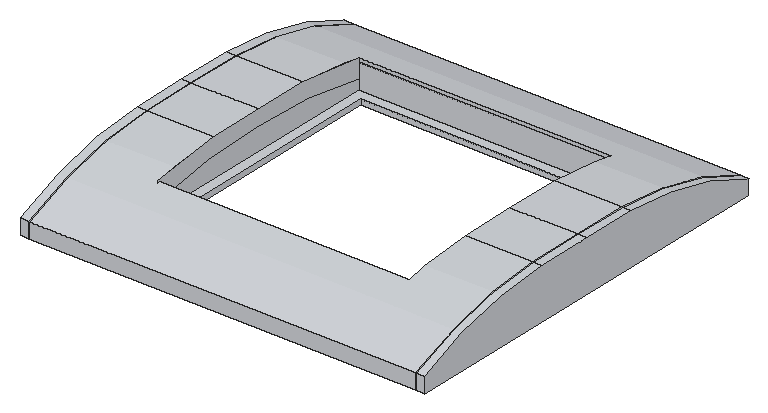
Revit family "Gira_1002803", category Electrical Fixtures, host Face, Revit 2017
Family settings
  Host = Face
  Maintain Annotation Orientation = No
  Round Connector Dimension = Use Diameter
  Part Type = Normal
  Cut with Voids When Loaded = No
  Shared = No
  Room Calculation Point = No
Parameters (values of type "Cov.fr. 2-g w/o cb interm.fr. PW Gira Event p.white")
  With mounting grid = "No"
  With hinged lid = "No"
  URL = "http://katalog.gira.de/en/datenblatt.html?artikelnr=1002803"
  Type of fastening = "Clamp mounting"
  Transparent = "No"
  Surface protection = "Other"
  Suitable for wall duct = "No"
  Suitable for flush-mounted installation = "Yes"
  Suitable for floor box = "No"
  Suitable for built-in installation = "No"
  Number of units vertical = "2"
  Number of units horizontal = "2"
  Number of units = "2"
  Name = "Cov.fr. 2-g w/o cb interm.fr. PW Gira Event p.white"
  Mounting direction = "Horizontal and vertical"
  Material quality = "Thermoplastic"
  Material = "Plastic"
  Manufacturer URL = "https://www.gira.de/"
  Manufacturer = "Gira"
  Label space/information surface = "No"
  Keynote = ""
  HeinzeBIM = "https://bimportal.heinze.de/bim/cov-fr-2-g-w-o-cb-interm-fr-pw-gira-event-p-white/f24d8142ac40099c33174513303b0f3ea320bc3e"
  Halogen free = "Yes"
  HAN = "1002803"
  GTIN = "4010337070382"
  Description = "Cov.fr.2g w o cb i.fr.PW Event PW,Gira Event frames,pure white glossy with pure white glossy intermediate frame,2-gang without crossbar,Features:,- Shatter-proof."
  Degree of protection (IP) = "IP20"
  Default Elevation = 1219.2 mm
  Data sheet (1) = "https://katalog.gira.de/en/download.html?artikelnr=1002803"
  Colour = "White"
  Category = "Cover frame for domestic switching devices"
  BIM (1) = "https://media.stage.bim.site/public/gira/36a6b08/Event_Rahmen_2fach o.Mittelsteg.rfa?public/gira/36a6b08/Event_Rahmen_2fach o.Mittelsteg.rfa"
  Available = "No"
Reference planes
  plane 1 "Center (Front/Back)": y = 0
  plane 2: z = 0
  plane 3 "Center (Left/Right)": x = 0
Forms (mm)
  Extrusion 1, solid, detail levels fine
    sketch origin (0, 0, 1.55) x (0, 1, 0) y (0, 0, 1)
      loop
        arc (12.445, 9.683) -> (6.223, 9.833) -> (0, 9.85) r 291.636
        arc (0, 9.85) -> (-6.223, 9.833) -> (-12.445, 9.683) r 291.636
        arc (-12.445, 9.683) -> (-29.14, 7.482) -> (-45, 1.823) r 79.728
        line (-45, 1.823) -> (-45, -1.55) -> (-41.777, -1.55) -> (-41.777, -0.55)
        arc (-41.777, -0.55) -> (-21.205, 4.846) -> (0, 6.467) r 118.15
        arc (0, 6.467) -> (21.205, 4.846) -> (41.777, -0.55) r 118.15
        line (41.777, -0.55) -> (41.777, -1.55) -> (45, -1.55) -> (45, 1.823)
        arc (45, 1.823) -> (29.14, 7.482) -> (12.445, 9.683) r 79.728
    from -43 to 43
  Extrusion 2, void, detail levels fine
    sketch origin (0, 0, 0) x (1, 0, 0) y (0, 1, 0)
      loop
        line (-28, -28) -> (28, -28) -> (28, 28) -> (-28, 28) -> (-28, -28)
    from 2.85 to 12
  Extrusion 3, solid, detail levels coarse
    sketch origin (0, 0, 0) x (1, 0, 0) y (0, 1, 0)
      loop
        line (-45, 45) -> (-45, -45) -> (45, -45) -> (45, 45) -> (-45, 45)
    from 0 to 11.4
  Extrusion 4, solid, detail levels medium
    sketch origin (0, 0, 1.55) x (0, 1, 0) y (0, 0, 1)
      loop
        arc (12.445, 9.683) -> (6.223, 9.833) -> (0, 9.85) r 291.636
        arc (0, 9.85) -> (-6.223, 9.833) -> (-12.445, 9.683) r 291.636
        arc (-12.445, 9.683) -> (-29.14, 7.482) -> (-45, 1.823) r 79.728
        line (-45, 1.823) -> (-45, -1.55) -> (45, -1.55) -> (45, 1.823)
        arc (45, 1.823) -> (29.14, 7.482) -> (12.445, 9.683) r 79.728
    from -45 to 45
  Extrusion 5, solid, detail levels fine
    sketch origin (0, 0, 0) x (0, 1, 0) y (0, 0, 1)
      loop
        arc (45, 3.373) -> (29.14, 9.032) -> (12.445, 11.233) r 79.728
        arc (12.445, 11.233) -> (6.223, 11.383) -> (0, 11.4) r 291.636
        arc (0, 11.4) -> (-6.223, 11.383) -> (-12.445, 11.233) r 291.636
        arc (-12.445, 11.233) -> (-29.14, 9.032) -> (-45, 3.373) r 79.728
        line (-45, 3.373) -> (-45, 0) -> (45, 0) -> (45, 3.373)
    from 43 to 45
  Extrusion 6, solid, detail levels fine
    sketch origin (0, 0, 0) x (0, 1, 0) y (0, 0, -1)
      loop
        line (45, -3.373) -> (45, 0) -> (-45, 0) -> (-45, -3.373)
        arc (-45, -3.373) -> (-29.14, -9.032) -> (-12.445, -11.233) r 79.728
        arc (-12.445, -11.233) -> (-6.223, -11.383) -> (0, -11.4) r 291.636
        arc (0, -11.4) -> (6.223, -11.383) -> (12.445, -11.233) r 291.636
        arc (12.445, -11.233) -> (29.14, -9.032) -> (45, -3.373) r 79.728
    from 43 to 45
  Extrusion 7, solid, detail levels fine
    sketch origin (0, 0, 0) x (1, 0, 0) y (0, 1, 0)
      loop
        line (-25.7, 25.7) -> (-25.7, -25.7) -> (25.7, -25.7) -> (25.7, 25.7) -> (-25.7, 25.7)
      loop
        line (-29.495, 27.895) -> (-29.495, -27.895)
        spline (-29.495, -27.895) -> (-29.486, -28.025) -> (-29.461, -28.154) -> (-29.419, -28.278) -> (-29.361, -28.395) -> (-29.288, -28.504) -> (-29.202, -28.602) -> (-29.104, -28.688) -> (-28.995, -28.761) -> (-28.878, -28.819) -> (-28.754, -28.861) -> (-28.625, -28.886) -> (-28.495, -28.895)
        line (-28.495, -28.895) -> (28.495, -28.895)
        spline (28.495, -28.895) -> (28.625, -28.886) -> (28.754, -28.861) -> (28.878, -28.819) -> (28.995, -28.761) -> (29.104, -28.688) -> (29.202, -28.602) -> (29.288, -28.504) -> (29.361, -28.395) -> (29.419, -28.278) -> (29.461, -28.154) -> (29.486, -28.025) -> (29.495, -27.895)
        line (29.495, -27.895) -> (29.495, 27.895)
        spline (29.495, 27.895) -> (29.486, 28.025) -> (29.461, 28.154) -> (29.419, 28.278) -> (29.361, 28.395) -> (29.288, 28.504) -> (29.202, 28.602) -> (29.104, 28.688) -> (28.995, 28.761) -> (28.878, 28.819) -> (28.754, 28.861) -> (28.625, 28.886) -> (28.495, 28.895)
        line (28.495, 28.895) -> (-28.495, 28.895)
        spline (-28.495, 28.895) -> (-28.625, 28.886) -> (-28.754, 28.861) -> (-28.878, 28.819) -> (-28.995, 28.761) -> (-29.104, 28.688) -> (-29.202, 28.602) -> (-29.288, 28.504) -> (-29.361, 28.395) -> (-29.419, 28.278) -> (-29.461, 28.154) -> (-29.486, 28.025) -> (-29.495, 27.895)
    from 1.673 to 8.5
Cuts and joins
  Extrusion 2 cuts Extrusion 1
  Extrusion 2 cuts Extrusion 7
Dimensions and locks
  aligned and locked: plane 2 to host face
  aligned and locked: level to host face
